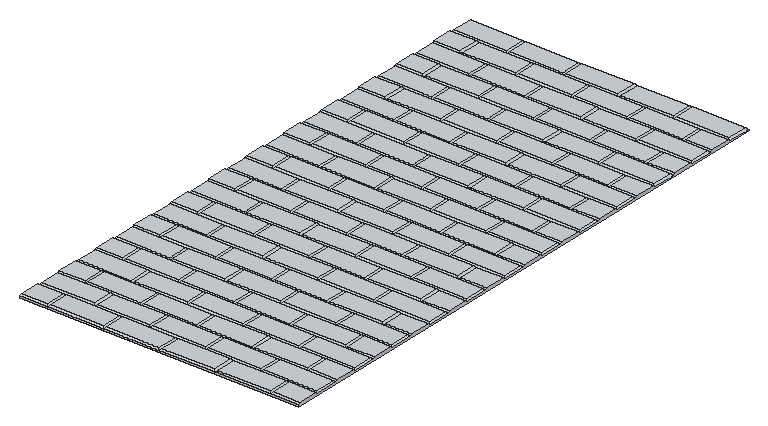
Revit family "J2 PET Felt Engraved Subway Tile", category Generic Models, host Face, Revit 2022
Family settings
  Host = Face
  Can host rebar = No
  Round Connector Dimension = Use Diameter
  Part Type = Normal
  Cut with Voids When Loaded = No
  Maintain Annotation Orientation = No
  Shared = No
  Room Calculation Point = No
Parameters
  URL = "https://www.j2systems.net/"
  Symbol Name = "FPESUB"  # constant formula
  Style Number = "FPESUB"  # constant formula
  Release Date = "2019"  # constant formula
  Product Line = "Engraved Panels"  # constant formula
  Model = "Subway Tile"  # constant formula
  Manufacturer = "J2 Systems"  # constant formula
  Felt color = none
  Default Elevation = 0' - 0"
Reference planes (in)
  plane 1 "Center (Front/Back)": y = 0
  plane 2: z = 0
  plane 3 "Center (Left/Right)": x = 0
Forms (in)
  Extrusion 1, solid, material <- "Felt color"
    sketch origin (0, 0, 0) x (1, 0, 0) y (0, 1, 0)
      loop
        line (0, 0) -> (47, 0) -> (47, 95) -> (0, 95) -> (0, 0)
    from 0 to 0.5
  Sweep 2, void
    path origin (70.5, -15.83333, 0) x (-1, 0, 0) y (0, -1, 0)
      loop
        line (70.5, -19.79167) -> (70.5, -23.75)
    profile origin (0, 5.9375, 0) x (-1, 0, 0) y (0, 0, 1)
      loop
        line (0, 0.25) -> (0, 0.5) -> (-0.25, 0.5) -> (0, 0.25)
  Sweep 3, void
    path origin (-44.36667, 23.5, 0) x (0, -1, 0) y (1, 0, 0)
      loop
        line (23.5, 44.36667) -> (23.5, 91.36667)
    profile origin (23.5, 0, 0) x (0, 1, 0) y (0, 0, 1)
      loop
        line (0, 0.25) -> (0.25, 0.5) -> (0, 0.5) -> (0, 0.25)
  Sweep 4, void
    path origin (-44.36667, 118.5, 0) x (0, -1, 0) y (1, 0, 0)
      loop
        line (23.5, 44.36667) -> (23.5, 91.36667)
    profile origin (23.5, 95, 0) x (0, 1, 0) y (0, 0, 1)
      loop
        line (0, 0.25) -> (0, 0.5) -> (-0.25, 0.5) -> (0, 0.25)
  Sweep 5, void
    path origin (-44.36667, 27.45833, 0) x (0, -1, 0) y (1, 0, 0)
      loop
        line (23.5, 44.36667) -> (23.5, 91.36667)
    profile origin (23.5, 3.95833, 0) x (0, 1, 0) y (0, 0, 1)
      loop
        line (0, 0.25) -> (0.25, 0.5) -> (-0.25, 0.5) -> (0, 0.25)
  Sweep 6, void
    path origin (-44.36667, 31.41667, 0) x (0, -1, 0) y (1, 0, 0)
      loop
        line (23.5, 44.36667) -> (23.5, 91.36667)
    profile origin (23.5, 7.91667, 0) x (0, 1, 0) y (0, 0, 1)
      loop
        line (0, 0.25) -> (0.25, 0.5) -> (-0.25, 0.5) -> (0, 0.25)
  Sweep 7, void
    path origin (-44.36667, 35.375, 0) x (0, -1, 0) y (1, 0, 0)
      loop
        line (23.5, 44.36667) -> (23.5, 91.36667)
    profile origin (23.5, 11.875, 0) x (0, 1, 0) y (0, 0, 1)
      loop
        line (0, 0.25) -> (0.25, 0.5) -> (-0.25, 0.5) -> (0, 0.25)
  Sweep 8, void
    path origin (-44.36667, 39.33333, 0) x (0, -1, 0) y (1, 0, 0)
      loop
        line (23.5, 44.36667) -> (23.5, 91.36667)
    profile origin (23.5, 15.83333, 0) x (0, 1, 0) y (0, 0, 1)
      loop
        line (0, 0.25) -> (0.25, 0.5) -> (-0.25, 0.5) -> (0, 0.25)
  Sweep 9, void
    path origin (-44.36667, 43.29167, 0) x (0, -1, 0) y (1, 0, 0)
      loop
        line (23.5, 44.36667) -> (23.5, 91.36667)
    profile origin (23.5, 19.79167, 0) x (0, 1, 0) y (0, 0, 1)
      loop
        line (0, 0.25) -> (0.25, 0.5) -> (-0.25, 0.5) -> (0, 0.25)
  Sweep 10, void
    path origin (-44.36667, 47.25, 0) x (0, -1, 0) y (1, 0, 0)
      loop
        line (23.5, 44.36667) -> (23.5, 91.36667)
    profile origin (23.5, 23.75, 0) x (0, 1, 0) y (0, 0, 1)
      loop
        line (0, 0.25) -> (0.25, 0.5) -> (-0.25, 0.5) -> (0, 0.25)
  Sweep 11, void
    path origin (-44.36667, 51.20833, 0) x (0, -1, 0) y (1, 0, 0)
      loop
        line (23.5, 44.36667) -> (23.5, 91.36667)
    profile origin (23.5, 27.70833, 0) x (0, 1, 0) y (0, 0, 1)
      loop
        line (0, 0.25) -> (0.25, 0.5) -> (-0.25, 0.5) -> (0, 0.25)
  Sweep 12, void
    path origin (-44.36667, 55.16667, 0) x (0, -1, 0) y (1, 0, 0)
      loop
        line (23.5, 44.36667) -> (23.5, 91.36667)
    profile origin (23.5, 31.66667, 0) x (0, 1, 0) y (0, 0, 1)
      loop
        line (0, 0.25) -> (0.25, 0.5) -> (-0.25, 0.5) -> (0, 0.25)
  Sweep 13, void
    path origin (-44.36667, 59.125, 0) x (0, -1, 0) y (1, 0, 0)
      loop
        line (23.5, 44.36667) -> (23.5, 91.36667)
    profile origin (23.5, 35.625, 0) x (0, 1, 0) y (0, 0, 1)
      loop
        line (0, 0.25) -> (0.25, 0.5) -> (-0.25, 0.5) -> (0, 0.25)
  Sweep 14, void
    path origin (-44.36667, 63.08333, 0) x (0, -1, 0) y (1, 0, 0)
      loop
        line (23.5, 44.36667) -> (23.5, 91.36667)
    profile origin (23.5, 39.58333, 0) x (0, 1, 0) y (0, 0, 1)
      loop
        line (0, 0.25) -> (0.25, 0.5) -> (-0.25, 0.5) -> (0, 0.25)
  Sweep 15, void
    path origin (-44.36667, 67.04167, 0) x (0, -1, 0) y (1, 0, 0)
      loop
        line (23.5, 44.36667) -> (23.5, 91.36667)
    profile origin (23.5, 43.54167, 0) x (0, 1, 0) y (0, 0, 1)
      loop
        line (0, 0.25) -> (0.25, 0.5) -> (-0.25, 0.5) -> (0, 0.25)
  Sweep 16, void
    path origin (-44.36667, 71, 0) x (0, -1, 0) y (1, 0, 0)
      loop
        line (23.5, 44.36667) -> (23.5, 91.36667)
    profile origin (23.5, 47.5, 0) x (0, 1, 0) y (0, 0, 1)
      loop
        line (0, 0.25) -> (0.25, 0.5) -> (-0.25, 0.5) -> (0, 0.25)
  Sweep 17, void
    path origin (-44.36667, 74.95833, 0) x (0, -1, 0) y (1, 0, 0)
      loop
        line (23.5, 44.36667) -> (23.5, 91.36667)
    profile origin (23.5, 51.45833, 0) x (0, 1, 0) y (0, 0, 1)
      loop
        line (0, 0.25) -> (0.25, 0.5) -> (-0.25, 0.5) -> (0, 0.25)
  Sweep 18, void
    path origin (-44.36667, 78.91667, 0) x (0, -1, 0) y (1, 0, 0)
      loop
        line (23.5, 44.36667) -> (23.5, 91.36667)
    profile origin (23.5, 55.41667, 0) x (0, 1, 0) y (0, 0, 1)
      loop
        line (0, 0.25) -> (0.25, 0.5) -> (-0.25, 0.5) -> (0, 0.25)
  Sweep 19, void
    path origin (-44.36667, 82.875, 0) x (0, -1, 0) y (1, 0, 0)
      loop
        line (23.5, 44.36667) -> (23.5, 91.36667)
    profile origin (23.5, 59.375, 0) x (0, 1, 0) y (0, 0, 1)
      loop
        line (0, 0.25) -> (0.25, 0.5) -> (-0.25, 0.5) -> (0, 0.25)
  Sweep 20, void
    path origin (-44.36667, 86.83333, 0) x (0, -1, 0) y (1, 0, 0)
      loop
        line (23.5, 44.36667) -> (23.5, 91.36667)
    profile origin (23.5, 63.33333, 0) x (0, 1, 0) y (0, 0, 1)
      loop
        line (0, 0.25) -> (0.25, 0.5) -> (-0.25, 0.5) -> (0, 0.25)
  Sweep 21, void
    path origin (-44.36667, 90.79167, 0) x (0, -1, 0) y (1, 0, 0)
      loop
        line (23.5, 44.36667) -> (23.5, 91.36667)
    profile origin (23.5, 67.29167, 0) x (0, 1, 0) y (0, 0, 1)
      loop
        line (0, 0.25) -> (0.25, 0.5) -> (-0.25, 0.5) -> (0, 0.25)
  Sweep 22, void
    path origin (-44.36667, 94.75, 0) x (0, -1, 0) y (1, 0, 0)
      loop
        line (23.5, 44.36667) -> (23.5, 91.36667)
    profile origin (23.5, 71.25, 0) x (0, 1, 0) y (0, 0, 1)
      loop
        line (0, 0.25) -> (0.25, 0.5) -> (-0.25, 0.5) -> (0, 0.25)
  Sweep 23, void
    path origin (-44.36667, 98.70833, 0) x (0, -1, 0) y (1, 0, 0)
      loop
        line (23.5, 44.36667) -> (23.5, 91.36667)
    profile origin (23.5, 75.20833, 0) x (0, 1, 0) y (0, 0, 1)
      loop
        line (0, 0.25) -> (0.25, 0.5) -> (-0.25, 0.5) -> (0, 0.25)
  Sweep 24, void
    path origin (-44.36667, 102.66667, 0) x (0, -1, 0) y (1, 0, 0)
      loop
        line (23.5, 44.36667) -> (23.5, 91.36667)
    profile origin (23.5, 79.16667, 0) x (0, 1, 0) y (0, 0, 1)
      loop
        line (0, 0.25) -> (0.25, 0.5) -> (-0.25, 0.5) -> (0, 0.25)
  Sweep 25, void
    path origin (-44.36667, 106.625, 0) x (0, -1, 0) y (1, 0, 0)
      loop
        line (23.5, 44.36667) -> (23.5, 91.36667)
    profile origin (23.5, 83.125, 0) x (0, 1, 0) y (0, 0, 1)
      loop
        line (0, 0.25) -> (0.25, 0.5) -> (-0.25, 0.5) -> (0, 0.25)
  Sweep 26, void
    path origin (-44.36667, 110.58333, 0) x (0, -1, 0) y (1, 0, 0)
      loop
        line (23.5, 44.36667) -> (23.5, 91.36667)
    profile origin (23.5, 87.08333, 0) x (0, 1, 0) y (0, 0, 1)
      loop
        line (0, 0.25) -> (0.25, 0.5) -> (-0.25, 0.5) -> (0, 0.25)
  Sweep 27, void
    path origin (-44.36667, 114.54167, 0) x (0, -1, 0) y (1, 0, 0)
      loop
        line (23.5, 44.36667) -> (23.5, 91.36667)
    profile origin (23.5, 91.04167, 0) x (0, 1, 0) y (0, 0, 1)
      loop
        line (0, 0.25) -> (0.25, 0.5) -> (-0.25, 0.5) -> (0, 0.25)
  Sweep 28, void
    path origin (70.5, 71.25, 0) x (-1, 0, 0) y (0, -1, 0)
      loop
        line (70.5, -19.79167) -> (70.5, -23.75)
    profile origin (0, 93.02083, 0) x (-1, 0, 0) y (0, 0, 1)
      loop
        line (0, 0.25) -> (0, 0.5) -> (-0.25, 0.5) -> (0, 0.25)
  Sweep 29, void
    path origin (-23.5, 7.91667, 0) x (1, 0, 0) y (0, 1, 0)
      loop
        line (23.5, 3.95833) -> (23.5, 7.91667)
    profile origin (0, 13.85417, 0) x (-1, 0, 0) y (0, 0, 1)
      loop
        line (0, 0.25) -> (0, 0.5) -> (-0.25, 0.5) -> (0, 0.25)
  Sweep 30, void
    path origin (70.5, 0, 0) x (-1, 0, 0) y (0, -1, 0)
      loop
        line (70.5, -19.79167) -> (70.5, -23.75)
    profile origin (0, 21.77083, 0) x (-1, 0, 0) y (0, 0, 1)
      loop
        line (0, 0.25) -> (0, 0.5) -> (-0.25, 0.5) -> (0, 0.25)
  Sweep 31, void
    path origin (70.5, 7.91667, 0) x (-1, 0, 0) y (0, -1, 0)
      loop
        line (70.5, -19.79167) -> (70.5, -23.75)
    profile origin (0, 29.6875, 0) x (-1, 0, 0) y (0, 0, 1)
      loop
        line (0, 0.25) -> (0, 0.5) -> (-0.25, 0.5) -> (0, 0.25)
  Sweep 32, void
    path origin (70.5, 15.83333, 0) x (-1, 0, 0) y (0, -1, 0)
      loop
        line (70.5, -19.79167) -> (70.5, -23.75)
    profile origin (0, 37.60417, 0) x (-1, 0, 0) y (0, 0, 1)
      loop
        line (0, 0.25) -> (0, 0.5) -> (-0.25, 0.5) -> (0, 0.25)
  Sweep 33, void
    path origin (70.5, 23.75, 0) x (-1, 0, 0) y (0, -1, 0)
      loop
        line (70.5, -19.79167) -> (70.5, -23.75)
    profile origin (0, 45.52083, 0) x (-1, 0, 0) y (0, 0, 1)
      loop
        line (0, 0.25) -> (0, 0.5) -> (-0.25, 0.5) -> (0, 0.25)
  Sweep 34, void
    path origin (70.5, 31.66667, 0) x (-1, 0, 0) y (0, -1, 0)
      loop
        line (70.5, -19.79167) -> (70.5, -23.75)
    profile origin (0, 53.4375, 0) x (-1, 0, 0) y (0, 0, 1)
      loop
        line (0, 0.25) -> (0, 0.5) -> (-0.25, 0.5) -> (0, 0.25)
  Sweep 35, void
    path origin (70.5, 39.58333, 0) x (-1, 0, 0) y (0, -1, 0)
      loop
        line (70.5, -19.79167) -> (70.5, -23.75)
    profile origin (0, 61.35417, 0) x (-1, 0, 0) y (0, 0, 1)
      loop
        line (0, 0.25) -> (0, 0.5) -> (-0.25, 0.5) -> (0, 0.25)
  Sweep 36, void
    path origin (70.5, 47.5, 0) x (-1, 0, 0) y (0, -1, 0)
      loop
        line (70.5, -19.79167) -> (70.5, -23.75)
    profile origin (0, 69.27083, 0) x (-1, 0, 0) y (0, 0, 1)
      loop
        line (0, 0.25) -> (0, 0.5) -> (-0.25, 0.5) -> (0, 0.25)
  Sweep 37, void
    path origin (70.5, 55.41667, 0) x (-1, 0, 0) y (0, -1, 0)
      loop
        line (70.5, -19.79167) -> (70.5, -23.75)
    profile origin (0, 77.1875, 0) x (-1, 0, 0) y (0, 0, 1)
      loop
        line (0, 0.25) -> (0, 0.5) -> (-0.25, 0.5) -> (0, 0.25)
  Sweep 38, void
    path origin (70.5, 63.33333, 0) x (-1, 0, 0) y (0, -1, 0)
      loop
        line (70.5, -19.79167) -> (70.5, -23.75)
    profile origin (0, 85.10417, 0) x (-1, 0, 0) y (0, 0, 1)
      loop
        line (0, 0.25) -> (0, 0.5) -> (-0.25, 0.5) -> (0, 0.25)
  Sweep 39, void
    path origin (-23.5, 87.08333, 0) x (1, 0, 0) y (0, 1, 0)
      loop
        line (70.5, 3.95833) -> (70.5, 7.91667)
    profile origin (47, 93.02083, 0) x (-1, 0, 0) y (0, 0, 1)
      loop
        line (0, 0.25) -> (0.25, 0.5) -> (0, 0.5) -> (0, 0.25)
  Sweep 40, void
    path origin (-23.5, 0, 0) x (1, 0, 0) y (0, 1, 0)
      loop
        line (70.5, 3.95833) -> (70.5, 7.91667)
    profile origin (47, 5.9375, 0) x (-1, 0, 0) y (0, 0, 1)
      loop
        line (0, 0.25) -> (0.25, 0.5) -> (0, 0.5) -> (0, 0.25)
  Sweep 41, void
    path origin (-23.5, 79.16667, 0) x (1, 0, 0) y (0, 1, 0)
      loop
        line (70.5, 3.95833) -> (70.5, 7.91667)
    profile origin (47, 85.10417, 0) x (-1, 0, 0) y (0, 0, 1)
      loop
        line (0, 0.25) -> (0.25, 0.5) -> (0, 0.5) -> (0, 0.25)
  Sweep 42, void
    path origin (-23.5, 71.25, 0) x (1, 0, 0) y (0, 1, 0)
      loop
        line (70.5, 3.95833) -> (70.5, 7.91667)
    profile origin (47, 77.1875, 0) x (-1, 0, 0) y (0, 0, 1)
      loop
        line (0, 0.25) -> (0.25, 0.5) -> (0, 0.5) -> (0, 0.25)
  Sweep 43, void
    path origin (-23.5, 63.33333, 0) x (1, 0, 0) y (0, 1, 0)
      loop
        line (70.5, 3.95833) -> (70.5, 7.91667)
    profile origin (47, 69.27083, 0) x (-1, 0, 0) y (0, 0, 1)
      loop
        line (0, 0.25) -> (0.25, 0.5) -> (0, 0.5) -> (0, 0.25)
  Sweep 44, void
    path origin (-23.5, 55.41667, 0) x (1, 0, 0) y (0, 1, 0)
      loop
        line (70.5, 3.95833) -> (70.5, 7.91667)
    profile origin (47, 61.35417, 0) x (-1, 0, 0) y (0, 0, 1)
      loop
        line (0, 0.25) -> (0.25, 0.5) -> (0, 0.5) -> (0, 0.25)
  Sweep 45, void
    path origin (-23.5, 47.5, 0) x (1, 0, 0) y (0, 1, 0)
      loop
        line (70.5, 3.95833) -> (70.5, 7.91667)
    profile origin (47, 53.4375, 0) x (-1, 0, 0) y (0, 0, 1)
      loop
        line (0, 0.25) -> (0.25, 0.5) -> (0, 0.5) -> (0, 0.25)
  Sweep 46, void
    path origin (-23.5, 39.58333, 0) x (1, 0, 0) y (0, 1, 0)
      loop
        line (70.5, 3.95833) -> (70.5, 7.91667)
    profile origin (47, 45.52083, 0) x (-1, 0, 0) y (0, 0, 1)
      loop
        line (0, 0.25) -> (0.25, 0.5) -> (0, 0.5) -> (0, 0.25)
  Sweep 47, void
    path origin (-23.5, 31.66667, 0) x (1, 0, 0) y (0, 1, 0)
      loop
        line (70.5, 3.95833) -> (70.5, 7.91667)
    profile origin (47, 37.60417, 0) x (-1, 0, 0) y (0, 0, 1)
      loop
        line (0, 0.25) -> (0.25, 0.5) -> (0, 0.5) -> (0, 0.25)
  Sweep 48, void
    path origin (-23.5, 23.75, 0) x (1, 0, 0) y (0, 1, 0)
      loop
        line (70.5, 3.95833) -> (70.5, 7.91667)
    profile origin (47, 29.6875, 0) x (-1, 0, 0) y (0, 0, 1)
      loop
        line (0, 0.25) -> (0.25, 0.5) -> (0, 0.5) -> (0, 0.25)
  Sweep 49, void
    path origin (-23.5, 15.83333, 0) x (1, 0, 0) y (0, 1, 0)
      loop
        line (70.5, 3.95833) -> (70.5, 7.91667)
    profile origin (47, 21.77083, 0) x (-1, 0, 0) y (0, 0, 1)
      loop
        line (0, 0.25) -> (0.25, 0.5) -> (0, 0.5) -> (0, 0.25)
  Sweep 50, void
    path origin (-23.5, 7.91667, 0) x (1, 0, 0) y (0, 1, 0)
      loop
        line (70.5, 3.95833) -> (70.5, 7.91667)
    profile origin (47, 13.85417, 0) x (-1, 0, 0) y (0, 0, 1)
      loop
        line (0, 0.25) -> (0.25, 0.5) -> (0, 0.5) -> (0, 0.25)
  Sweep 51, void
    path origin (-14.1, -59.95, 0) x (1, 0, 0) y (0, 1, 0)
      loop
        line (23.5, 63.90833) -> (23.5, 67.86667)
    profile origin (9.4, 5.9375, 0) x (-1, 0, 0) y (0, 0, 1)
      loop
        line (0, 0.25) -> (0.25, 0.5) -> (-0.25, 0.5) -> (0, 0.25)
  Sweep 52, void
    path origin (-4.7, -59.95, 0) x (1, 0, 0) y (0, 1, 0)
      loop
        line (23.5, 63.90833) -> (23.5, 67.86667)
    profile origin (18.8, 5.9375, 0) x (-1, 0, 0) y (0, 0, 1)
      loop
        line (0, 0.25) -> (0.25, 0.5) -> (-0.25, 0.5) -> (0, 0.25)
  Sweep 53, void
    path origin (4.7, -59.95, 0) x (1, 0, 0) y (0, 1, 0)
      loop
        line (23.5, 63.90833) -> (23.5, 67.86667)
    profile origin (28.2, 5.9375, 0) x (-1, 0, 0) y (0, 0, 1)
      loop
        line (0, 0.25) -> (0.25, 0.5) -> (-0.25, 0.5) -> (0, 0.25)
  Sweep 54, void
    path origin (14.1, -59.95, 0) x (1, 0, 0) y (0, 1, 0)
      loop
        line (23.5, 63.90833) -> (23.5, 67.86667)
    profile origin (37.6, 5.9375, 0) x (-1, 0, 0) y (0, 0, 1)
      loop
        line (0, 0.25) -> (0.25, 0.5) -> (-0.25, 0.5) -> (0, 0.25)
  Sweep 55, void
    path origin (-18.8, -63.90833, 0) x (1, 0, 0) y (0, 1, 0)
      loop
        line (23.5, 63.90833) -> (23.5, 67.86667)
    profile origin (4.7, 1.97917, 0) x (-1, 0, 0) y (0, 0, 1)
      loop
        line (0, 0.25) -> (0.25, 0.5) -> (-0.25, 0.5) -> (0, 0.25)
  Sweep 56, void
    path origin (-9.4, -63.90833, 0) x (1, 0, 0) y (0, 1, 0)
      loop
        line (23.5, 63.90833) -> (23.5, 67.86667)
    profile origin (14.1, 1.97917, 0) x (-1, 0, 0) y (0, 0, 1)
      loop
        line (0, 0.25) -> (0.25, 0.5) -> (-0.25, 0.5) -> (0, 0.25)
  Sweep 57, void
    path origin (0, -63.90833, 0) x (1, 0, 0) y (0, 1, 0)
      loop
        line (23.5, 63.90833) -> (23.5, 67.86667)
    profile origin (23.5, 1.97917, 0) x (-1, 0, 0) y (0, 0, 1)
      loop
        line (0, 0.25) -> (0.25, 0.5) -> (-0.25, 0.5) -> (0, 0.25)
  Sweep 58, void
    path origin (9.4, -63.90833, 0) x (1, 0, 0) y (0, 1, 0)
      loop
        line (23.5, 63.90833) -> (23.5, 67.86667)
    profile origin (32.9, 1.97917, 0) x (-1, 0, 0) y (0, 0, 1)
      loop
        line (0, 0.25) -> (0.25, 0.5) -> (-0.25, 0.5) -> (0, 0.25)
  Sweep 59, void
    path origin (18.8, -63.90833, 0) x (1, 0, 0) y (0, 1, 0)
      loop
        line (23.5, 63.90833) -> (23.5, 67.86667)
    profile origin (42.3, 1.97917, 0) x (-1, 0, 0) y (0, 0, 1)
      loop
        line (0, 0.25) -> (0.25, 0.5) -> (-0.25, 0.5) -> (0, 0.25)
  Sweep 60, void, not visible
    path origin (-14.1, -59.95, 0) x (1, 0, 0) y (0, 1, 0)
      loop
        line (23.5, 63.90833) -> (23.5, 67.86667)
    profile origin (9.4, 5.9375, 0) x (-1, 0, 0) y (0, 0, 1)
      loop
        line (0, 0.25) -> (0.25, 0.5) -> (-0.25, 0.5) -> (0, 0.25)
  Sweep 61, void
    path origin (-14.1, 27.13333, 0) x (1, 0, 0) y (0, 1, 0)
      loop
        line (23.5, 63.90833) -> (23.5, 67.86667)
    profile origin (9.4, 93.02083, 0) x (-1, 0, 0) y (0, 0, 1)
      loop
        line (0, 0.25) -> (0.25, 0.5) -> (-0.25, 0.5) -> (0, 0.25)
  Sweep 62, void
    path origin (-4.7, 27.13333, 0) x (1, 0, 0) y (0, 1, 0)
      loop
        line (23.5, 63.90833) -> (23.5, 67.86667)
    profile origin (18.8, 93.02083, 0) x (-1, 0, 0) y (0, 0, 1)
      loop
        line (0, 0.25) -> (0.25, 0.5) -> (-0.25, 0.5) -> (0, 0.25)
  Sweep 63, void
    path origin (4.7, 27.13333, 0) x (1, 0, 0) y (0, 1, 0)
      loop
        line (23.5, 63.90833) -> (23.5, 67.86667)
    profile origin (28.2, 93.02083, 0) x (-1, 0, 0) y (0, 0, 1)
      loop
        line (0, 0.25) -> (0.25, 0.5) -> (-0.25, 0.5) -> (0, 0.25)
  Sweep 64, void
    path origin (14.1, 27.13333, 0) x (1, 0, 0) y (0, 1, 0)
      loop
        line (23.5, 63.90833) -> (23.5, 67.86667)
    profile origin (37.6, 93.02083, 0) x (-1, 0, 0) y (0, 0, 1)
      loop
        line (0, 0.25) -> (0.25, 0.5) -> (-0.25, 0.5) -> (0, 0.25)
  Sweep 65, void
    path origin (-18.8, 23.175, 0) x (1, 0, 0) y (0, 1, 0)
      loop
        line (23.5, 63.90833) -> (23.5, 67.86667)
    profile origin (4.7, 89.0625, 0) x (-1, 0, 0) y (0, 0, 1)
      loop
        line (0, 0.25) -> (0.25, 0.5) -> (-0.25, 0.5) -> (0, 0.25)
  Sweep 66, void
    path origin (-9.4, 23.175, 0) x (1, 0, 0) y (0, 1, 0)
      loop
        line (23.5, 63.90833) -> (23.5, 67.86667)
    profile origin (14.1, 89.0625, 0) x (-1, 0, 0) y (0, 0, 1)
      loop
        line (0, 0.25) -> (0.25, 0.5) -> (-0.25, 0.5) -> (0, 0.25)
  Sweep 67, void
    path origin (0, 23.175, 0) x (1, 0, 0) y (0, 1, 0)
      loop
        line (23.5, 63.90833) -> (23.5, 67.86667)
    profile origin (23.5, 89.0625, 0) x (-1, 0, 0) y (0, 0, 1)
      loop
        line (0, 0.25) -> (0.25, 0.5) -> (-0.25, 0.5) -> (0, 0.25)
  Sweep 68, void
    path origin (9.4, 23.175, 0) x (1, 0, 0) y (0, 1, 0)
      loop
        line (23.5, 63.90833) -> (23.5, 67.86667)
    profile origin (32.9, 89.0625, 0) x (-1, 0, 0) y (0, 0, 1)
      loop
        line (0, 0.25) -> (0.25, 0.5) -> (-0.25, 0.5) -> (0, 0.25)
  Sweep 69, void
    path origin (18.8, 23.175, 0) x (1, 0, 0) y (0, 1, 0)
      loop
        line (23.5, 63.90833) -> (23.5, 67.86667)
    profile origin (42.3, 89.0625, 0) x (-1, 0, 0) y (0, 0, 1)
      loop
        line (0, 0.25) -> (0.25, 0.5) -> (-0.25, 0.5) -> (0, 0.25)
  Sweep 70, void
    path origin (-14.1, -52.03333, 0) x (1, 0, 0) y (0, 1, 0)
      loop
        line (23.5, 63.90833) -> (23.5, 67.86667)
    profile origin (9.4, 13.85417, 0) x (-1, 0, 0) y (0, 0, 1)
      loop
        line (0, 0.25) -> (0.25, 0.5) -> (-0.25, 0.5) -> (0, 0.25)
  Sweep 71, void
    path origin (-4.7, -52.03333, 0) x (1, 0, 0) y (0, 1, 0)
      loop
        line (23.5, 63.90833) -> (23.5, 67.86667)
    profile origin (18.8, 13.85417, 0) x (-1, 0, 0) y (0, 0, 1)
      loop
        line (0, 0.25) -> (0.25, 0.5) -> (-0.25, 0.5) -> (0, 0.25)
  Sweep 72, void
    path origin (4.7, -52.03333, 0) x (1, 0, 0) y (0, 1, 0)
      loop
        line (23.5, 63.90833) -> (23.5, 67.86667)
    profile origin (28.2, 13.85417, 0) x (-1, 0, 0) y (0, 0, 1)
      loop
        line (0, 0.25) -> (0.25, 0.5) -> (-0.25, 0.5) -> (0, 0.25)
  Sweep 73, void
    path origin (14.1, -52.03333, 0) x (1, 0, 0) y (0, 1, 0)
      loop
        line (23.5, 63.90833) -> (23.5, 67.86667)
    profile origin (37.6, 13.85417, 0) x (-1, 0, 0) y (0, 0, 1)
      loop
        line (0, 0.25) -> (0.25, 0.5) -> (-0.25, 0.5) -> (0, 0.25)
  Sweep 74, void
    path origin (-18.8, -55.99167, 0) x (1, 0, 0) y (0, 1, 0)
      loop
        line (23.5, 63.90833) -> (23.5, 67.86667)
    profile origin (4.7, 9.89583, 0) x (-1, 0, 0) y (0, 0, 1)
      loop
        line (0, 0.25) -> (0.25, 0.5) -> (-0.25, 0.5) -> (0, 0.25)
  Sweep 75, void
    path origin (-9.4, -55.99167, 0) x (1, 0, 0) y (0, 1, 0)
      loop
        line (23.5, 63.90833) -> (23.5, 67.86667)
    profile origin (14.1, 9.89583, 0) x (-1, 0, 0) y (0, 0, 1)
      loop
        line (0, 0.25) -> (0.25, 0.5) -> (-0.25, 0.5) -> (0, 0.25)
  Sweep 76, void
    path origin (0, -55.99167, 0) x (1, 0, 0) y (0, 1, 0)
      loop
        line (23.5, 63.90833) -> (23.5, 67.86667)
    profile origin (23.5, 9.89583, 0) x (-1, 0, 0) y (0, 0, 1)
      loop
        line (0, 0.25) -> (0.25, 0.5) -> (-0.25, 0.5) -> (0, 0.25)
  Sweep 77, void
    path origin (9.4, -55.99167, 0) x (1, 0, 0) y (0, 1, 0)
      loop
        line (23.5, 63.90833) -> (23.5, 67.86667)
    profile origin (32.9, 9.89583, 0) x (-1, 0, 0) y (0, 0, 1)
      loop
        line (0, 0.25) -> (0.25, 0.5) -> (-0.25, 0.5) -> (0, 0.25)
  Sweep 78, void
    path origin (18.8, -55.99167, 0) x (1, 0, 0) y (0, 1, 0)
      loop
        line (23.5, 63.90833) -> (23.5, 67.86667)
    profile origin (42.3, 9.89583, 0) x (-1, 0, 0) y (0, 0, 1)
      loop
        line (0, 0.25) -> (0.25, 0.5) -> (-0.25, 0.5) -> (0, 0.25)
  Sweep 79, void
    path origin (-14.1, -44.11667, 0) x (1, 0, 0) y (0, 1, 0)
      loop
        line (23.5, 63.90833) -> (23.5, 67.86667)
    profile origin (9.4, 21.77083, 0) x (-1, 0, 0) y (0, 0, 1)
      loop
        line (0, 0.25) -> (0.25, 0.5) -> (-0.25, 0.5) -> (0, 0.25)
  Sweep 80, void
    path origin (-4.7, -44.11667, 0) x (1, 0, 0) y (0, 1, 0)
      loop
        line (23.5, 63.90833) -> (23.5, 67.86667)
    profile origin (18.8, 21.77083, 0) x (-1, 0, 0) y (0, 0, 1)
      loop
        line (0, 0.25) -> (0.25, 0.5) -> (-0.25, 0.5) -> (0, 0.25)
  Sweep 81, void
    path origin (4.7, -44.11667, 0) x (1, 0, 0) y (0, 1, 0)
      loop
        line (23.5, 63.90833) -> (23.5, 67.86667)
    profile origin (28.2, 21.77083, 0) x (-1, 0, 0) y (0, 0, 1)
      loop
        line (0, 0.25) -> (0.25, 0.5) -> (-0.25, 0.5) -> (0, 0.25)
  Sweep 82, void
    path origin (14.1, -44.11667, 0) x (1, 0, 0) y (0, 1, 0)
      loop
        line (23.5, 63.90833) -> (23.5, 67.86667)
    profile origin (37.6, 21.77083, 0) x (-1, 0, 0) y (0, 0, 1)
      loop
        line (0, 0.25) -> (0.25, 0.5) -> (-0.25, 0.5) -> (0, 0.25)
  Sweep 83, void
    path origin (-18.8, -48.075, 0) x (1, 0, 0) y (0, 1, 0)
      loop
        line (23.5, 63.90833) -> (23.5, 67.86667)
    profile origin (4.7, 17.8125, 0) x (-1, 0, 0) y (0, 0, 1)
      loop
        line (0, 0.25) -> (0.25, 0.5) -> (-0.25, 0.5) -> (0, 0.25)
  Sweep 84, void
    path origin (-9.4, -48.075, 0) x (1, 0, 0) y (0, 1, 0)
      loop
        line (23.5, 63.90833) -> (23.5, 67.86667)
    profile origin (14.1, 17.8125, 0) x (-1, 0, 0) y (0, 0, 1)
      loop
        line (0, 0.25) -> (0.25, 0.5) -> (-0.25, 0.5) -> (0, 0.25)
  Sweep 85, void
    path origin (0, -48.075, 0) x (1, 0, 0) y (0, 1, 0)
      loop
        line (23.5, 63.90833) -> (23.5, 67.86667)
    profile origin (23.5, 17.8125, 0) x (-1, 0, 0) y (0, 0, 1)
      loop
        line (0, 0.25) -> (0.25, 0.5) -> (-0.25, 0.5) -> (0, 0.25)
  Sweep 86, void
    path origin (9.4, -48.075, 0) x (1, 0, 0) y (0, 1, 0)
      loop
        line (23.5, 63.90833) -> (23.5, 67.86667)
    profile origin (32.9, 17.8125, 0) x (-1, 0, 0) y (0, 0, 1)
      loop
        line (0, 0.25) -> (0.25, 0.5) -> (-0.25, 0.5) -> (0, 0.25)
  Sweep 87, void
    path origin (18.8, -48.075, 0) x (1, 0, 0) y (0, 1, 0)
      loop
        line (23.5, 63.90833) -> (23.5, 67.86667)
    profile origin (42.3, 17.8125, 0) x (-1, 0, 0) y (0, 0, 1)
      loop
        line (0, 0.25) -> (0.25, 0.5) -> (-0.25, 0.5) -> (0, 0.25)
  Sweep 88, void
    path origin (-14.1, -36.2, 0) x (1, 0, 0) y (0, 1, 0)
      loop
        line (23.5, 63.90833) -> (23.5, 67.86667)
    profile origin (9.4, 29.6875, 0) x (-1, 0, 0) y (0, 0, 1)
      loop
        line (0, 0.25) -> (0.25, 0.5) -> (-0.25, 0.5) -> (0, 0.25)
  Sweep 89, void
    path origin (-4.7, -36.2, 0) x (1, 0, 0) y (0, 1, 0)
      loop
        line (23.5, 63.90833) -> (23.5, 67.86667)
    profile origin (18.8, 29.6875, 0) x (-1, 0, 0) y (0, 0, 1)
      loop
        line (0, 0.25) -> (0.25, 0.5) -> (-0.25, 0.5) -> (0, 0.25)
  Sweep 90, void
    path origin (4.7, -36.2, 0) x (1, 0, 0) y (0, 1, 0)
      loop
        line (23.5, 63.90833) -> (23.5, 67.86667)
    profile origin (28.2, 29.6875, 0) x (-1, 0, 0) y (0, 0, 1)
      loop
        line (0, 0.25) -> (0.25, 0.5) -> (-0.25, 0.5) -> (0, 0.25)
  Sweep 91, void
    path origin (14.1, -36.2, 0) x (1, 0, 0) y (0, 1, 0)
      loop
        line (23.5, 63.90833) -> (23.5, 67.86667)
    profile origin (37.6, 29.6875, 0) x (-1, 0, 0) y (0, 0, 1)
      loop
        line (0, 0.25) -> (0.25, 0.5) -> (-0.25, 0.5) -> (0, 0.25)
  Sweep 92, void
    path origin (-18.8, -40.15833, 0) x (1, 0, 0) y (0, 1, 0)
      loop
        line (23.5, 63.90833) -> (23.5, 67.86667)
    profile origin (4.7, 25.72917, 0) x (-1, 0, 0) y (0, 0, 1)
      loop
        line (0, 0.25) -> (0.25, 0.5) -> (-0.25, 0.5) -> (0, 0.25)
  Sweep 93, void
    path origin (-9.4, -40.15833, 0) x (1, 0, 0) y (0, 1, 0)
      loop
        line (23.5, 63.90833) -> (23.5, 67.86667)
    profile origin (14.1, 25.72917, 0) x (-1, 0, 0) y (0, 0, 1)
      loop
        line (0, 0.25) -> (0.25, 0.5) -> (-0.25, 0.5) -> (0, 0.25)
  Sweep 94, void
    path origin (0, -40.15833, 0) x (1, 0, 0) y (0, 1, 0)
      loop
        line (23.5, 63.90833) -> (23.5, 67.86667)
    profile origin (23.5, 25.72917, 0) x (-1, 0, 0) y (0, 0, 1)
      loop
        line (0, 0.25) -> (0.25, 0.5) -> (-0.25, 0.5) -> (0, 0.25)
  Sweep 95, void
    path origin (9.4, -40.15833, 0) x (1, 0, 0) y (0, 1, 0)
      loop
        line (23.5, 63.90833) -> (23.5, 67.86667)
    profile origin (32.9, 25.72917, 0) x (-1, 0, 0) y (0, 0, 1)
      loop
        line (0, 0.25) -> (0.25, 0.5) -> (-0.25, 0.5) -> (0, 0.25)
  Sweep 96, void
    path origin (18.8, -40.15833, 0) x (1, 0, 0) y (0, 1, 0)
      loop
        line (23.5, 63.90833) -> (23.5, 67.86667)
    profile origin (42.3, 25.72917, 0) x (-1, 0, 0) y (0, 0, 1)
      loop
        line (0, 0.25) -> (0.25, 0.5) -> (-0.25, 0.5) -> (0, 0.25)
  Sweep 97, void
    path origin (-14.1, -28.28333, 0) x (1, 0, 0) y (0, 1, 0)
      loop
        line (23.5, 63.90833) -> (23.5, 67.86667)
    profile origin (9.4, 37.60417, 0) x (-1, 0, 0) y (0, 0, 1)
      loop
        line (0, 0.25) -> (0.25, 0.5) -> (-0.25, 0.5) -> (0, 0.25)
  Sweep 98, void
    path origin (-4.7, -28.28333, 0) x (1, 0, 0) y (0, 1, 0)
      loop
        line (23.5, 63.90833) -> (23.5, 67.86667)
    profile origin (18.8, 37.60417, 0) x (-1, 0, 0) y (0, 0, 1)
      loop
        line (0, 0.25) -> (0.25, 0.5) -> (-0.25, 0.5) -> (0, 0.25)
  Sweep 99, void
    path origin (4.7, -28.28333, 0) x (1, 0, 0) y (0, 1, 0)
      loop
        line (23.5, 63.90833) -> (23.5, 67.86667)
    profile origin (28.2, 37.60417, 0) x (-1, 0, 0) y (0, 0, 1)
      loop
        line (0, 0.25) -> (0.25, 0.5) -> (-0.25, 0.5) -> (0, 0.25)
  Sweep 100, void
    path origin (14.1, -28.28333, 0) x (1, 0, 0) y (0, 1, 0)
      loop
        line (23.5, 63.90833) -> (23.5, 67.86667)
    profile origin (37.6, 37.60417, 0) x (-1, 0, 0) y (0, 0, 1)
      loop
        line (0, 0.25) -> (0.25, 0.5) -> (-0.25, 0.5) -> (0, 0.25)
  Sweep 101, void
    path origin (-18.8, -32.24167, 0) x (1, 0, 0) y (0, 1, 0)
      loop
        line (23.5, 63.90833) -> (23.5, 67.86667)
    profile origin (4.7, 33.64583, 0) x (-1, 0, 0) y (0, 0, 1)
      loop
        line (0, 0.25) -> (0.25, 0.5) -> (-0.25, 0.5) -> (0, 0.25)
  Sweep 102, void
    path origin (-9.4, -32.24167, 0) x (1, 0, 0) y (0, 1, 0)
      loop
        line (23.5, 63.90833) -> (23.5, 67.86667)
    profile origin (14.1, 33.64583, 0) x (-1, 0, 0) y (0, 0, 1)
      loop
        line (0, 0.25) -> (0.25, 0.5) -> (-0.25, 0.5) -> (0, 0.25)
  Sweep 103, void
    path origin (0, -32.24167, 0) x (1, 0, 0) y (0, 1, 0)
      loop
        line (23.5, 63.90833) -> (23.5, 67.86667)
    profile origin (23.5, 33.64583, 0) x (-1, 0, 0) y (0, 0, 1)
      loop
        line (0, 0.25) -> (0.25, 0.5) -> (-0.25, 0.5) -> (0, 0.25)
  Sweep 104, void
    path origin (9.4, -32.24167, 0) x (1, 0, 0) y (0, 1, 0)
      loop
        line (23.5, 63.90833) -> (23.5, 67.86667)
    profile origin (32.9, 33.64583, 0) x (-1, 0, 0) y (0, 0, 1)
      loop
        line (0, 0.25) -> (0.25, 0.5) -> (-0.25, 0.5) -> (0, 0.25)
  Sweep 105, void
    path origin (18.8, -32.24167, 0) x (1, 0, 0) y (0, 1, 0)
      loop
        line (23.5, 63.90833) -> (23.5, 67.86667)
    profile origin (42.3, 33.64583, 0) x (-1, 0, 0) y (0, 0, 1)
      loop
        line (0, 0.25) -> (0.25, 0.5) -> (-0.25, 0.5) -> (0, 0.25)
  Sweep 106, void
    path origin (-14.1, -20.36667, 0) x (1, 0, 0) y (0, 1, 0)
      loop
        line (23.5, 63.90833) -> (23.5, 67.86667)
    profile origin (9.4, 45.52083, 0) x (-1, 0, 0) y (0, 0, 1)
      loop
        line (0, 0.25) -> (0.25, 0.5) -> (-0.25, 0.5) -> (0, 0.25)
  Sweep 107, void
    path origin (-4.7, -20.36667, 0) x (1, 0, 0) y (0, 1, 0)
      loop
        line (23.5, 63.90833) -> (23.5, 67.86667)
    profile origin (18.8, 45.52083, 0) x (-1, 0, 0) y (0, 0, 1)
      loop
        line (0, 0.25) -> (0.25, 0.5) -> (-0.25, 0.5) -> (0, 0.25)
  Sweep 108, void
    path origin (4.7, -20.36667, 0) x (1, 0, 0) y (0, 1, 0)
      loop
        line (23.5, 63.90833) -> (23.5, 67.86667)
    profile origin (28.2, 45.52083, 0) x (-1, 0, 0) y (0, 0, 1)
      loop
        line (0, 0.25) -> (0.25, 0.5) -> (-0.25, 0.5) -> (0, 0.25)
  Sweep 109, void
    path origin (14.1, -20.36667, 0) x (1, 0, 0) y (0, 1, 0)
      loop
        line (23.5, 63.90833) -> (23.5, 67.86667)
    profile origin (37.6, 45.52083, 0) x (-1, 0, 0) y (0, 0, 1)
      loop
        line (0, 0.25) -> (0.25, 0.5) -> (-0.25, 0.5) -> (0, 0.25)
  Sweep 110, void
    path origin (-18.8, -24.325, 0) x (1, 0, 0) y (0, 1, 0)
      loop
        line (23.5, 63.90833) -> (23.5, 67.86667)
    profile origin (4.7, 41.5625, 0) x (-1, 0, 0) y (0, 0, 1)
      loop
        line (0, 0.25) -> (0.25, 0.5) -> (-0.25, 0.5) -> (0, 0.25)
  Sweep 111, void
    path origin (-9.4, -24.325, 0) x (1, 0, 0) y (0, 1, 0)
      loop
        line (23.5, 63.90833) -> (23.5, 67.86667)
    profile origin (14.1, 41.5625, 0) x (-1, 0, 0) y (0, 0, 1)
      loop
        line (0, 0.25) -> (0.25, 0.5) -> (-0.25, 0.5) -> (0, 0.25)
  Sweep 112, void
    path origin (0, -24.325, 0) x (1, 0, 0) y (0, 1, 0)
      loop
        line (23.5, 63.90833) -> (23.5, 67.86667)
    profile origin (23.5, 41.5625, 0) x (-1, 0, 0) y (0, 0, 1)
      loop
        line (0, 0.25) -> (0.25, 0.5) -> (-0.25, 0.5) -> (0, 0.25)
  Sweep 113, void
    path origin (9.4, -24.325, 0) x (1, 0, 0) y (0, 1, 0)
      loop
        line (23.5, 63.90833) -> (23.5, 67.86667)
    profile origin (32.9, 41.5625, 0) x (-1, 0, 0) y (0, 0, 1)
      loop
        line (0, 0.25) -> (0.25, 0.5) -> (-0.25, 0.5) -> (0, 0.25)
  Sweep 114, void
    path origin (18.8, -24.325, 0) x (1, 0, 0) y (0, 1, 0)
      loop
        line (23.5, 63.90833) -> (23.5, 67.86667)
    profile origin (42.3, 41.5625, 0) x (-1, 0, 0) y (0, 0, 1)
      loop
        line (0, 0.25) -> (0.25, 0.5) -> (-0.25, 0.5) -> (0, 0.25)
  Sweep 115, void
    path origin (-14.1, -12.45, 0) x (1, 0, 0) y (0, 1, 0)
      loop
        line (23.5, 63.90833) -> (23.5, 67.86667)
    profile origin (9.4, 53.4375, 0) x (-1, 0, 0) y (0, 0, 1)
      loop
        line (0, 0.25) -> (0.25, 0.5) -> (-0.25, 0.5) -> (0, 0.25)
  Sweep 116, void
    path origin (-4.7, -12.45, 0) x (1, 0, 0) y (0, 1, 0)
      loop
        line (23.5, 63.90833) -> (23.5, 67.86667)
    profile origin (18.8, 53.4375, 0) x (-1, 0, 0) y (0, 0, 1)
      loop
        line (0, 0.25) -> (0.25, 0.5) -> (-0.25, 0.5) -> (0, 0.25)
  Sweep 117, void
    path origin (4.7, -12.45, 0) x (1, 0, 0) y (0, 1, 0)
      loop
        line (23.5, 63.90833) -> (23.5, 67.86667)
    profile origin (28.2, 53.4375, 0) x (-1, 0, 0) y (0, 0, 1)
      loop
        line (0, 0.25) -> (0.25, 0.5) -> (-0.25, 0.5) -> (0, 0.25)
  Sweep 118, void
    path origin (14.1, -12.45, 0) x (1, 0, 0) y (0, 1, 0)
      loop
        line (23.5, 63.90833) -> (23.5, 67.86667)
    profile origin (37.6, 53.4375, 0) x (-1, 0, 0) y (0, 0, 1)
      loop
        line (0, 0.25) -> (0.25, 0.5) -> (-0.25, 0.5) -> (0, 0.25)
  Sweep 119, void
    path origin (-18.8, -16.40833, 0) x (1, 0, 0) y (0, 1, 0)
      loop
        line (23.5, 63.90833) -> (23.5, 67.86667)
    profile origin (4.7, 49.47917, 0) x (-1, 0, 0) y (0, 0, 1)
      loop
        line (0, 0.25) -> (0.25, 0.5) -> (-0.25, 0.5) -> (0, 0.25)
  Sweep 120, void
    path origin (-9.4, -16.40833, 0) x (1, 0, 0) y (0, 1, 0)
      loop
        line (23.5, 63.90833) -> (23.5, 67.86667)
    profile origin (14.1, 49.47917, 0) x (-1, 0, 0) y (0, 0, 1)
      loop
        line (0, 0.25) -> (0.25, 0.5) -> (-0.25, 0.5) -> (0, 0.25)
  Sweep 121, void
    path origin (0, -16.40833, 0) x (1, 0, 0) y (0, 1, 0)
      loop
        line (23.5, 63.90833) -> (23.5, 67.86667)
    profile origin (23.5, 49.47917, 0) x (-1, 0, 0) y (0, 0, 1)
      loop
        line (0, 0.25) -> (0.25, 0.5) -> (-0.25, 0.5) -> (0, 0.25)
  Sweep 122, void
    path origin (9.4, -16.40833, 0) x (1, 0, 0) y (0, 1, 0)
      loop
        line (23.5, 63.90833) -> (23.5, 67.86667)
    profile origin (32.9, 49.47917, 0) x (-1, 0, 0) y (0, 0, 1)
      loop
        line (0, 0.25) -> (0.25, 0.5) -> (-0.25, 0.5) -> (0, 0.25)
  Sweep 123, void
    path origin (18.8, -16.40833, 0) x (1, 0, 0) y (0, 1, 0)
      loop
        line (23.5, 63.90833) -> (23.5, 67.86667)
    profile origin (42.3, 49.47917, 0) x (-1, 0, 0) y (0, 0, 1)
      loop
        line (0, 0.25) -> (0.25, 0.5) -> (-0.25, 0.5) -> (0, 0.25)
  Sweep 124, void
    path origin (-14.1, -4.53333, 0) x (1, 0, 0) y (0, 1, 0)
      loop
        line (23.5, 63.90833) -> (23.5, 67.86667)
    profile origin (9.4, 61.35417, 0) x (-1, 0, 0) y (0, 0, 1)
      loop
        line (0, 0.25) -> (0.25, 0.5) -> (-0.25, 0.5) -> (0, 0.25)
  Sweep 125, void
    path origin (-4.7, -4.53333, 0) x (1, 0, 0) y (0, 1, 0)
      loop
        line (23.5, 63.90833) -> (23.5, 67.86667)
    profile origin (18.8, 61.35417, 0) x (-1, 0, 0) y (0, 0, 1)
      loop
        line (0, 0.25) -> (0.25, 0.5) -> (-0.25, 0.5) -> (0, 0.25)
  Sweep 126, void
    path origin (4.7, -4.53333, 0) x (1, 0, 0) y (0, 1, 0)
      loop
        line (23.5, 63.90833) -> (23.5, 67.86667)
    profile origin (28.2, 61.35417, 0) x (-1, 0, 0) y (0, 0, 1)
      loop
        line (0, 0.25) -> (0.25, 0.5) -> (-0.25, 0.5) -> (0, 0.25)
  Sweep 127, void
    path origin (14.1, -4.53333, 0) x (1, 0, 0) y (0, 1, 0)
      loop
        line (23.5, 63.90833) -> (23.5, 67.86667)
    profile origin (37.6, 61.35417, 0) x (-1, 0, 0) y (0, 0, 1)
      loop
        line (0, 0.25) -> (0.25, 0.5) -> (-0.25, 0.5) -> (0, 0.25)
  Sweep 128, void
    path origin (-18.8, -8.49167, 0) x (1, 0, 0) y (0, 1, 0)
      loop
        line (23.5, 63.90833) -> (23.5, 67.86667)
    profile origin (4.7, 57.39583, 0) x (-1, 0, 0) y (0, 0, 1)
      loop
        line (0, 0.25) -> (0.25, 0.5) -> (-0.25, 0.5) -> (0, 0.25)
  Sweep 129, void
    path origin (-9.4, -8.49167, 0) x (1, 0, 0) y (0, 1, 0)
      loop
        line (23.5, 63.90833) -> (23.5, 67.86667)
    profile origin (14.1, 57.39583, 0) x (-1, 0, 0) y (0, 0, 1)
      loop
        line (0, 0.25) -> (0.25, 0.5) -> (-0.25, 0.5) -> (0, 0.25)
  Sweep 130, void
    path origin (0, -8.49167, 0) x (1, 0, 0) y (0, 1, 0)
      loop
        line (23.5, 63.90833) -> (23.5, 67.86667)
    profile origin (23.5, 57.39583, 0) x (-1, 0, 0) y (0, 0, 1)
      loop
        line (0, 0.25) -> (0.25, 0.5) -> (-0.25, 0.5) -> (0, 0.25)
  Sweep 131, void
    path origin (9.4, -8.49167, 0) x (1, 0, 0) y (0, 1, 0)
      loop
        line (23.5, 63.90833) -> (23.5, 67.86667)
    profile origin (32.9, 57.39583, 0) x (-1, 0, 0) y (0, 0, 1)
      loop
        line (0, 0.25) -> (0.25, 0.5) -> (-0.25, 0.5) -> (0, 0.25)
  Sweep 132, void
    path origin (18.8, -8.49167, 0) x (1, 0, 0) y (0, 1, 0)
      loop
        line (23.5, 63.90833) -> (23.5, 67.86667)
    profile origin (42.3, 57.39583, 0) x (-1, 0, 0) y (0, 0, 1)
      loop
        line (0, 0.25) -> (0.25, 0.5) -> (-0.25, 0.5) -> (0, 0.25)
  Sweep 133, void
    path origin (-14.1, 3.38333, 0) x (1, 0, 0) y (0, 1, 0)
      loop
        line (23.5, 63.90833) -> (23.5, 67.86667)
    profile origin (9.4, 69.27083, 0) x (-1, 0, 0) y (0, 0, 1)
      loop
        line (0, 0.25) -> (0.25, 0.5) -> (-0.25, 0.5) -> (0, 0.25)
  Sweep 134, void
    path origin (-4.7, 3.38333, 0) x (1, 0, 0) y (0, 1, 0)
      loop
        line (23.5, 63.90833) -> (23.5, 67.86667)
    profile origin (18.8, 69.27083, 0) x (-1, 0, 0) y (0, 0, 1)
      loop
        line (0, 0.25) -> (0.25, 0.5) -> (-0.25, 0.5) -> (0, 0.25)
  Sweep 135, void
    path origin (4.7, 3.38333, 0) x (1, 0, 0) y (0, 1, 0)
      loop
        line (23.5, 63.90833) -> (23.5, 67.86667)
    profile origin (28.2, 69.27083, 0) x (-1, 0, 0) y (0, 0, 1)
      loop
        line (0, 0.25) -> (0.25, 0.5) -> (-0.25, 0.5) -> (0, 0.25)
  Sweep 136, void
    path origin (14.1, 3.38333, 0) x (1, 0, 0) y (0, 1, 0)
      loop
        line (23.5, 63.90833) -> (23.5, 67.86667)
    profile origin (37.6, 69.27083, 0) x (-1, 0, 0) y (0, 0, 1)
      loop
        line (0, 0.25) -> (0.25, 0.5) -> (-0.25, 0.5) -> (0, 0.25)
  Sweep 137, void
    path origin (-18.8, -0.575, 0) x (1, 0, 0) y (0, 1, 0)
      loop
        line (23.5, 63.90833) -> (23.5, 67.86667)
    profile origin (4.7, 65.3125, 0) x (-1, 0, 0) y (0, 0, 1)
      loop
        line (0, 0.25) -> (0.25, 0.5) -> (-0.25, 0.5) -> (0, 0.25)
  Sweep 138, void
    path origin (-9.4, -0.575, 0) x (1, 0, 0) y (0, 1, 0)
      loop
        line (23.5, 63.90833) -> (23.5, 67.86667)
    profile origin (14.1, 65.3125, 0) x (-1, 0, 0) y (0, 0, 1)
      loop
        line (0, 0.25) -> (0.25, 0.5) -> (-0.25, 0.5) -> (0, 0.25)
  Sweep 139, void
    path origin (0, -0.575, 0) x (1, 0, 0) y (0, 1, 0)
      loop
        line (23.5, 63.90833) -> (23.5, 67.86667)
    profile origin (23.5, 65.3125, 0) x (-1, 0, 0) y (0, 0, 1)
      loop
        line (0, 0.25) -> (0.25, 0.5) -> (-0.25, 0.5) -> (0, 0.25)
  Sweep 140, void
    path origin (9.4, -0.575, 0) x (1, 0, 0) y (0, 1, 0)
      loop
        line (23.5, 63.90833) -> (23.5, 67.86667)
    profile origin (32.9, 65.3125, 0) x (-1, 0, 0) y (0, 0, 1)
      loop
        line (0, 0.25) -> (0.25, 0.5) -> (-0.25, 0.5) -> (0, 0.25)
  Sweep 141, void
    path origin (18.8, -0.575, 0) x (1, 0, 0) y (0, 1, 0)
      loop
        line (23.5, 63.90833) -> (23.5, 67.86667)
    profile origin (42.3, 65.3125, 0) x (-1, 0, 0) y (0, 0, 1)
      loop
        line (0, 0.25) -> (0.25, 0.5) -> (-0.25, 0.5) -> (0, 0.25)
  Sweep 142, void
    path origin (-14.1, 11.3, 0) x (1, 0, 0) y (0, 1, 0)
      loop
        line (23.5, 63.90833) -> (23.5, 67.86667)
    profile origin (9.4, 77.1875, 0) x (-1, 0, 0) y (0, 0, 1)
      loop
        line (0, 0.25) -> (0.25, 0.5) -> (-0.25, 0.5) -> (0, 0.25)
  Sweep 143, void
    path origin (-4.7, 11.3, 0) x (1, 0, 0) y (0, 1, 0)
      loop
        line (23.5, 63.90833) -> (23.5, 67.86667)
    profile origin (18.8, 77.1875, 0) x (-1, 0, 0) y (0, 0, 1)
      loop
        line (0, 0.25) -> (0.25, 0.5) -> (-0.25, 0.5) -> (0, 0.25)
  Sweep 144, void
    path origin (4.7, 11.3, 0) x (1, 0, 0) y (0, 1, 0)
      loop
        line (23.5, 63.90833) -> (23.5, 67.86667)
    profile origin (28.2, 77.1875, 0) x (-1, 0, 0) y (0, 0, 1)
      loop
        line (0, 0.25) -> (0.25, 0.5) -> (-0.25, 0.5) -> (0, 0.25)
  Sweep 145, void
    path origin (14.1, 11.3, 0) x (1, 0, 0) y (0, 1, 0)
      loop
        line (23.5, 63.90833) -> (23.5, 67.86667)
    profile origin (37.6, 77.1875, 0) x (-1, 0, 0) y (0, 0, 1)
      loop
        line (0, 0.25) -> (0.25, 0.5) -> (-0.25, 0.5) -> (0, 0.25)
  Sweep 146, void
    path origin (-18.8, 7.34167, 0) x (1, 0, 0) y (0, 1, 0)
      loop
        line (23.5, 63.90833) -> (23.5, 67.86667)
    profile origin (4.7, 73.22917, 0) x (-1, 0, 0) y (0, 0, 1)
      loop
        line (0, 0.25) -> (0.25, 0.5) -> (-0.25, 0.5) -> (0, 0.25)
  Sweep 147, void
    path origin (-9.4, 7.34167, 0) x (1, 0, 0) y (0, 1, 0)
      loop
        line (23.5, 63.90833) -> (23.5, 67.86667)
    profile origin (14.1, 73.22917, 0) x (-1, 0, 0) y (0, 0, 1)
      loop
        line (0, 0.25) -> (0.25, 0.5) -> (-0.25, 0.5) -> (0, 0.25)
  Sweep 148, void
    path origin (0, 7.34167, 0) x (1, 0, 0) y (0, 1, 0)
      loop
        line (23.5, 63.90833) -> (23.5, 67.86667)
    profile origin (23.5, 73.22917, 0) x (-1, 0, 0) y (0, 0, 1)
      loop
        line (0, 0.25) -> (0.25, 0.5) -> (-0.25, 0.5) -> (0, 0.25)
  Sweep 149, void
    path origin (9.4, 7.34167, 0) x (1, 0, 0) y (0, 1, 0)
      loop
        line (23.5, 63.90833) -> (23.5, 67.86667)
    profile origin (32.9, 73.22917, 0) x (-1, 0, 0) y (0, 0, 1)
      loop
        line (0, 0.25) -> (0.25, 0.5) -> (-0.25, 0.5) -> (0, 0.25)
  Sweep 150, void
    path origin (18.8, 7.34167, 0) x (1, 0, 0) y (0, 1, 0)
      loop
        line (23.5, 63.90833) -> (23.5, 67.86667)
    profile origin (42.3, 73.22917, 0) x (-1, 0, 0) y (0, 0, 1)
      loop
        line (0, 0.25) -> (0.25, 0.5) -> (-0.25, 0.5) -> (0, 0.25)
  Sweep 151, void
    path origin (-14.1, 19.21667, 0) x (1, 0, 0) y (0, 1, 0)
      loop
        line (23.5, 63.90833) -> (23.5, 67.86667)
    profile origin (9.4, 85.10417, 0) x (-1, 0, 0) y (0, 0, 1)
      loop
        line (0, 0.25) -> (0.25, 0.5) -> (-0.25, 0.5) -> (0, 0.25)
  Sweep 152, void
    path origin (-4.7, 19.21667, 0) x (1, 0, 0) y (0, 1, 0)
      loop
        line (23.5, 63.90833) -> (23.5, 67.86667)
    profile origin (18.8, 85.10417, 0) x (-1, 0, 0) y (0, 0, 1)
      loop
        line (0, 0.25) -> (0.25, 0.5) -> (-0.25, 0.5) -> (0, 0.25)
  Sweep 153, void
    path origin (4.7, 19.21667, 0) x (1, 0, 0) y (0, 1, 0)
      loop
        line (23.5, 63.90833) -> (23.5, 67.86667)
    profile origin (28.2, 85.10417, 0) x (-1, 0, 0) y (0, 0, 1)
      loop
        line (0, 0.25) -> (0.25, 0.5) -> (-0.25, 0.5) -> (0, 0.25)
  Sweep 154, void
    path origin (14.1, 19.21667, 0) x (1, 0, 0) y (0, 1, 0)
      loop
        line (23.5, 63.90833) -> (23.5, 67.86667)
    profile origin (37.6, 85.10417, 0) x (-1, 0, 0) y (0, 0, 1)
      loop
        line (0, 0.25) -> (0.25, 0.5) -> (-0.25, 0.5) -> (0, 0.25)
  Sweep 155, void
    path origin (-18.8, 15.25833, 0) x (1, 0, 0) y (0, 1, 0)
      loop
        line (23.5, 63.90833) -> (23.5, 67.86667)
    profile origin (4.7, 81.14583, 0) x (-1, 0, 0) y (0, 0, 1)
      loop
        line (0, 0.25) -> (0.25, 0.5) -> (-0.25, 0.5) -> (0, 0.25)
  Sweep 156, void
    path origin (-9.4, 15.25833, 0) x (1, 0, 0) y (0, 1, 0)
      loop
        line (23.5, 63.90833) -> (23.5, 67.86667)
    profile origin (14.1, 81.14583, 0) x (-1, 0, 0) y (0, 0, 1)
      loop
        line (0, 0.25) -> (0.25, 0.5) -> (-0.25, 0.5) -> (0, 0.25)
  Sweep 157, void
    path origin (0, 15.25833, 0) x (1, 0, 0) y (0, 1, 0)
      loop
        line (23.5, 63.90833) -> (23.5, 67.86667)
    profile origin (23.5, 81.14583, 0) x (-1, 0, 0) y (0, 0, 1)
      loop
        line (0, 0.25) -> (0.25, 0.5) -> (-0.25, 0.5) -> (0, 0.25)
  Sweep 158, void
    path origin (9.4, 15.25833, 0) x (1, 0, 0) y (0, 1, 0)
      loop
        line (23.5, 63.90833) -> (23.5, 67.86667)
    profile origin (32.9, 81.14583, 0) x (-1, 0, 0) y (0, 0, 1)
      loop
        line (0, 0.25) -> (0.25, 0.5) -> (-0.25, 0.5) -> (0, 0.25)
  Sweep 159, void
    path origin (18.8, 15.25833, 0) x (1, 0, 0) y (0, 1, 0)
      loop
        line (23.5, 63.90833) -> (23.5, 67.86667)
    profile origin (42.3, 81.14583, 0) x (-1, 0, 0) y (0, 0, 1)
      loop
        line (0, 0.25) -> (0.25, 0.5) -> (-0.25, 0.5) -> (0, 0.25)
Cuts and joins
  Sweep 2, Sweep 3, Sweep 4, Sweep 5, Sweep 6, Sweep 7, Sweep 8, Sweep 9, Sweep 10, Sweep 11, Sweep 12, Sweep 13, Sweep 14, Sweep 15, Sweep 16, Sweep 17, Sweep 18, Sweep 19, Sweep 20, Sweep 21, Sweep 22, Sweep 23, Sweep 24, Sweep 25, Sweep 26, Sweep 27, Sweep 28, Sweep 29, Sweep 30, Sweep 31, Sweep 32, Sweep 33, Sweep 34, Sweep 35, Sweep 36, Sweep 37, Sweep 38, Sweep 39, Sweep 40, Sweep 41, Sweep 42, Sweep 43, Sweep 44, Sweep 45, Sweep 46, Sweep 47, Sweep 48, Sweep 49, Sweep 50, Sweep 51, Sweep 52, Sweep 53, Sweep 54, Sweep 55, Sweep 56, Sweep 57, Sweep 58, Sweep 59, Sweep 61, Sweep 62, Sweep 63, Sweep 64, Sweep 65, Sweep 66, Sweep 67, Sweep 68, Sweep 69, Sweep 70, Sweep 71, Sweep 72, Sweep 73, Sweep 74, Sweep 75, Sweep 76, Sweep 77, Sweep 78, Sweep 79, Sweep 80, Sweep 81, Sweep 82, Sweep 83, Sweep 84, Sweep 85, Sweep 86, Sweep 87, Sweep 88, Sweep 89, Sweep 90, Sweep 91, Sweep 92, Sweep 93, Sweep 94, Sweep 95, Sweep 96, Sweep 97, Sweep 98, Sweep 99, Sweep 100, Sweep 101, Sweep 102, Sweep 103, Sweep 104, Sweep 105, Sweep 106, Sweep 107, Sweep 108, Sweep 109, Sweep 110, Sweep 111, Sweep 112, Sweep 113, Sweep 114, Sweep 115, Sweep 116, Sweep 117, Sweep 118, Sweep 119, Sweep 120, Sweep 121, Sweep 122, Sweep 123, Sweep 124, Sweep 125, Sweep 126, Sweep 127, Sweep 128, Sweep 129, Sweep 130, Sweep 131, Sweep 132, Sweep 133, Sweep 134, Sweep 135, Sweep 136, Sweep 137, Sweep 138, Sweep 139, Sweep 140, Sweep 141, Sweep 142, Sweep 143, Sweep 144, Sweep 145, Sweep 146, Sweep 147, Sweep 148, Sweep 149, Sweep 150, Sweep 151, Sweep 152, Sweep 153, Sweep 154, Sweep 155, Sweep 156, Sweep 157, Sweep 158, Sweep 159 cuts Extrusion 1
Dimensions and locks (in)
  equal spacing: group 24, group 26, group 27, group 28, group 29, group 30, group 31, group 32, group 33, group 34, group 35, group 25  (x3)
  equal spacing: group 36, group 38, group 39, group 40, group 41, group 42, group 43, group 44, group 45, group 46, group 47, group 37  (x2)
  equal spacing: group 37, group 47, group 46, group 45, group 44, group 43, group 42, group 41, group 40, group 39, group 38, group 36
  equal spacing: group 57, group 78, group 88, group 98, group 108, group 118, group 128, group 138, group 148, group 158, group 168, group 68  (x3)
  aligned and locked: host face to plane 2
  aligned and locked: level to host face
